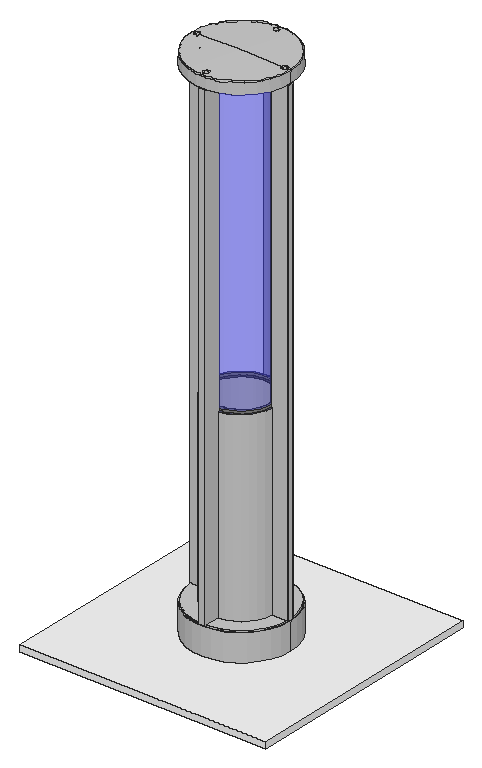
Revit family "BE_84602_de_DE", category Leuchten, Revit 2020
Family settings
  Basisbauteil = Fläche
  Bemaßung runder Anschluss = Durchmesser verwenden
  Teiletyp = Normal
  Beim Laden mit Abzugskörper schneiden = Ja
  Lichtquelle = Ja
  Gemeinsam genutzt = Nein
  Raumberechnungspunkt = Ja
Parameters (values of type "BEGA_84602_Silber_K4")
  built-in parameter 1150104 = 17.744 (stored number, unit not read)
  Wattage = 15.6 W
  Default Elevation = 0 mm
  built-in parameter 1150113 = 1 (stored number, unit not read)
  built-in parameter 1114218 = 1 (stored number, unit not read)
  Umgebungstemperatur = "25 °C"
  URL = "https://www.bega.com/de/produkt/84602"
  Typenkommentare = "© 2022 BEGA. Wir behalten uns das Recht vor, technische Änderungen ohne vorherige Ankündigung vorzunehmen."  # constant formula
  Type Image = 84602.png
  built-in parameter 1150134 = 12
  built-in parameter 1150109 = 1 (stored number, unit not read)
  Strom = ""
  built-in parameter 1150110 = 1 (stored number, unit not read)
  Spannung = 239.996 V
  Sonderanfertigung = no
  Seriennummer [instance] = "Hier können Sie die eindeutige Seriennummer für das Facility Management eintragen."
  Schutzklasse = "I"
  Schutzart = "IP 65"
  Scheinlast = 0 VA
  Produktdatenblatt = "https://cdn.bega.com/bega/products/84602K4/current/documents/data-sheets/de"
  Oberflächentemperatur = ""
  Neigungswinkel = 0.00°
  Modell = "84602AK4"
  Material_18 = BEGA_Gummi_schwarz
  Material_17 = BEGA_Reflektor
  Material_15 = BEGA_Leuchtmedium_matt
  Material_14 = BEGA_Kunststoff_opal
  Material_11 = BEGA_Glas_opal
  Material_09 = BEGA_Glas_klar
  Material_06 = BEGA_Oberfläche_Edelstahl_gebürstet
  Material_03 = BEGA_Oberfläche_Weiss_matt
  Material_02 = BEGA_Oberfläche_Silber_matt
  Material_01 [instance] = BEGA_Oberfläche_Grafit_matt
  M_W = no
  M_G = no
  M_A = yes
  Logo = 0
  built-in parameter 1114217 = 1 (stored number, unit not read)
  built-in parameter 1150139 = (empty or 0)
  built-in parameter 1150105 = 237.11 (stored number, unit not read)
  built-in parameter 1150114 = 1 (stored number, unit not read)
  Lumens = 2979.6 lm
  built-in parameter 1150115 = 1 (stored number, unit not read)
  Leuchtenlichtstrom = "2087 lm"
  Leuchtenanzahl = ""
  Lebensdauerkriterien = "L70B50 @ 25 °C = 200000 h"
  Lastklassifizierung = Beleuchtung
  built-in parameter 1150112 = 1 (stored number, unit not read)
  Lampenlichtstrom = "3120 lm"
  Lampe = "LED 15.2 W"
  LED_Modulbezeichnung = "4x LED-0701/840"
  built-in parameter 1150142 = (empty or 0)
  Hersteller = "BEGA"  # constant formula
  Halbstreuwinkel = ""
  Gewicht = "7.0 kg"
  Gebrauchslageneinschränkung [instance] = ""
  Frequenz = "0/50-60 Hz"
  Farbwiedergabeindex = "CRI > 80"
  Farbtemperaturverschiebung bei Dämpfen der Lampe = <Keine Auswahl>
  Farbtemperatur = "4000 K"
  Farbfilter = 16777215
  Erdstück = no
  built-in parameter 1150133 = 10 (stored number, unit not read)
  Energieeffizienzklasse = "LED A++ - A"
  built-in parameter 1150137 = (empty or 0)
  built-in parameter 1150132 = (empty or 0)
  ENEC = "ja"
  Dimmbar [instance] = "DALI"
  Datei für fotometrisches Netz = "BE_84602K4.IES"
  CE_Konformität = "ja"
  Bestellnummer_Erdstück = if(Erdstück, "70895", "---")  # "---"
  Bestellnummer = "84602AK4"
  Beschreibung_Sonderanfertigung = "Hier können Sie Informationen zur Sonderanfertigung eintragen."
  Beschreibung = "Pollerleuchte"
  built-in parameter 1150106 = 2.3711 (stored number, unit not read)
  Befestigungsbohrung = ""
  Befestigungsabstand = ""
  Ballwurfsicher = ""
  BEGA_Intern_aus = yes
  BEGA_Intern_an = yes
  BEGA_Intern_Konstruktion = yes
  BEGA_Intern = yes
  BEGA_IES = yes
  BEGA_Dummy = no
  Anschlussleitung = ""
  Anschlussleistung [instance] = "17.6 W"
  built-in parameter 1150107 = 4000 (stored number, unit not read)
  built-in parameter 1150102 = (empty or 0)
  built-in parameter 1150138 = (empty or 0)
  Aktualisierung = "2022-05-19T04:00:07"
  Abstand_zur_angestrahlten_Fläche [instance] = ""
  AC/DC = "AC/DC"
Types (4, lengths in mm): name | built-in parameter 1150104 | Wattage | built-in parameter 1150134 | Modell | M_G | M_A | built-in parameter 1150105 | Lumens | Leuchtenlichtstrom | Lampenlichtstrom | LED_Modulbezeichnung | Farbtemperatur | Datei für fotometrisches Netz | Bestellnummer | built-in parameter 1150106 | built-in parameter 1150107
  BEGA_84602_Grafit_K4 | 17.744 (stored number, unit not read) | 15.6 W | 12 | "84602K4" | yes | no | 237.11 (stored number, unit not read) | 2979.6 lm | "2087 lm" | "3120 lm" | "4x LED-0701/840" | "4000 K" | "BE_84602K4.IES" | "84602K4" | 2.3711 (stored number, unit not read) | 4000 (stored number, unit not read)
  BEGA_84602_Grafit_K3 | 13.8 (stored number, unit not read) | 0 W | (empty or 0) | "84602K3" | yes | no | (empty or 0) | 0 lm | "2020 lm" | "3020 lm" | "4x LED-0701/830" | "3000 K" | "BE_84602K3.IES" | "84602K3" | (empty or 0) | 3000 (stored number, unit not read)
  BEGA_84602_Silber_K3 | 17.271 (stored number, unit not read) | 15.9 W | (empty or 0) | "84602AK3" | no | yes | 235.22 (stored number, unit not read) | 2955.81 lm | "2020 lm" | "3020 lm" | "4x LED-0701/830" | "3000 K" | "BE_84602K3.IES" | "84602AK3" | 2.3522 (stored number, unit not read) | 3000 (stored number, unit not read)
  BEGA_84602_Silber_K4 | 17.744 (stored number, unit not read) | 15.6 W | 12 | "84602AK4" | no | yes | 237.11 (stored number, unit not read) | 2979.6 lm | "2087 lm" | "3120 lm" | "4x LED-0701/840" | "4000 K" | "BE_84602K4.IES" | "84602AK4" | 2.3711 (stored number, unit not read) | 4000 (stored number, unit not read)
Reference planes
  plane 1 "Mitte (Vorne/Hinten)": y = 0
  plane 2: z = 0
  plane 3 "Mitte (Links/Rechts)": x = 0
  plane 4 "Links": x = -80.5
  plane 5 "Rechts": x = 80.5
  plane 6 "Unten": y = -80.5
  plane 7 "Oben": y = 80.5
  plane 8 "Vorne": z = 850.81
  plane 9 "Hinten": z = 0
Forms (mm)
  Extrusion 1, solid, material "BEGA_Platte_Weiss"
    sketch origin (0, -1119.2, 0) x (1, 0, 0) y (0, 1, 0)
      loop
        line (-200, 1319.2) -> (-200, 919.2) -> (200, 919.2) -> (200, 1319.2) -> (-200, 1319.2)
    from 0 to -10
  Extrusion 2, solid, material "BEGA_Dummy_matt", visible <- "BEGA_Dummy"
    sketch origin (77.149, -76.023, 0) x (1, 0, 0) y (0, 1, 0)
      loop
        circle (-77.149, 76.023) r 80.5
    from 0 to 850.81
Dimensions and locks
  plane 1 "Mitte (Vorne/Hinten)" to Extrusion 1 = 200 mm
  aligned and locked: plane 2 to Extrusion 1
  aligned and locked: level to Extrusion 1
Nested families
  nested 1: "BE_84602" at (0, 0, 0), type "BE_84602"
Connectors
  electrical at (0, 0, 0), driven by "Lastklassifizierung", driven by "Spannung", driven by "Scheinlast"
    settings: index 1, voltage 239.996 V, apparent load 0 VA, apparent load phase1 0 VA, apparent load phase2 0 VA, apparent load phase3 0 VA, power factor 1, load classification "Beleuchtung", number of poles 1, system type 31, power factor state 1, is connector primary yes, connector utility no, sub classification motor no, connector description ""
Definition of nested family "BE_84602"
  Parameters (values of type "BE_84602")
    Default Elevation = 1 mm
    URL = "http://www.bega.de/de/produkt"
    Type Comments = "© 2015 BEGA. Wir behalten uns das Recht vor, technische Änderungen ohne vorherige Ankündigung vorzunehmen. "  # constant formula
    Type Image = (empty or 0)
    Neigungswinkel_um_Z2 = 0.00°
    Neigungswinkel_um_Z1 = 0.00°
    Neigungswinkel_um_Y2 = 0.00°
    Neigungswinkel_um_Y1 = 0.00°
    Neigungswinkel_um_X2 = 0.00°
    Neigungswinkel_um_X1 = 0.00°
    Material_18 = none
    Material_17 = none
    Material_15 = none
    Material_14 = none
    Material_11 = none
    Material_09 = none
    Material_06 = none
    Material_02 = none
    Material_01 = none
    M_W = yes
    M_G = yes
    M_A = yes
    Länge_Platte = 200 mm  # constant formula
    Höhe_Platte = -10 mm  # constant formula
    Manufacturer = "BEGA"  # constant formula
    Drehwinkel_um_Z2 = 0.00°
    Drehwinkel_um_Z1 = 0.00°
    Breite_Platte = 200 mm  # constant formula
  Reference planes
    plane 1 "Mitte (Oben/Unten)": y = 0
    plane 2: z = 0
    plane 3 "Mitte (Links/Rechts)": x = 0
    plane 4: x = -80.5
    plane 5: z = 850.81
    plane 6: x = 80.5
    plane 7: y = -80.5
    plane 8: y = 80.5
  Forms (mm)
    Extrusion 1, solid, detail levels medium
      sketch origin (0, 0, 0) x (1, 0, 0) y (0, 1, 0)
        loop
          line (-100, 100) -> (-100, -100) -> (100, -100) -> (100, 100) -> (-100, 100)
      from 0 to -10 <- "Höhe_Platte"
    Revolve 2, solid, material <- "Material_01", visible <- "M_G", detail levels medium+fine
      sketch origin (0, 0, 0) x (1, 0, 0) y (0, 0, 1)
        loop
          line (-76, 0) -> (-21.511, 0) -> (-21.511, 5.5) -> (-76, 5.5) -> (-76, 0)
        axis (0, 0) -> (0, 5.5)
      angle from 0 to 360
    Extrusion 3, void
      sketch origin (0, 0, 0) x (1, 0, 0) y (0, 1, 0)
        loop
          arc (37.01, -10.606) -> (38.5, 0.008) -> (37.006, 10.621) r 38.5
          arc (37.006, 10.621) -> (32.675, 13.011) -> (30.28, 8.683) r 3.5
          arc (30.28, 8.683) -> (31.5, 0.001) -> (30.28, -8.682) r 31.5
          arc (30.28, -8.682) -> (32.682, -13.012) -> (37.01, -10.606) r 3.5
        loop
          arc (-7.621, 30.564) -> (-5.072, 34.807) -> (-9.315, 37.356) r 3.5
          arc (-9.315, 37.356) -> (-19.251, 33.342) -> (-27.695, 26.744) r 38.5
          arc (-27.695, 26.744) -> (-27.609, 21.795) -> (-22.66, 21.881) r 3.5
          arc (-22.66, 21.881) -> (-15.75, 27.28) -> (-7.621, 30.564) r 31.5
        loop
          arc (-22.657, -21.884) -> (-27.604, -21.794) -> (-27.698, -26.74) r 3.5
          arc (-27.698, -26.74) -> (-19.247, -33.344) -> (-9.302, -37.359) r 38.5
          arc (-9.302, -37.359) -> (-5.069, -34.802) -> (-7.621, -30.564) r 3.5
          arc (-7.621, -30.564) -> (-15.749, -27.28) -> (-22.657, -21.884) r 31.5
        loop
          arc (-43.745, 12.543) -> (-46.827, 18.102) -> (-52.386, 15.021) r 4.495
          arc (-52.386, 15.021) -> (-54.497, 0.004) -> (-52.388, -15.014) r 54.493
          arc (-52.388, -15.014) -> (-46.831, -18.105) -> (-43.745, -12.544) r 4.495
          arc (-43.745, -12.544) -> (-45.508, -0.001) -> (-43.745, 12.543) r 45.516
        loop
          arc (32.735, 31.613) -> (39.09, 31.504) -> (39.2, 37.86) r 4.495
          arc (39.2, 37.86) -> (27.253, 47.193) -> (13.198, 52.875) r 54.493
          arc (13.198, 52.875) -> (7.737, 49.612) -> (11.009, 44.157) r 4.494
          arc (11.009, 44.157) -> (22.753, 39.411) -> (32.735, 31.613) r 45.516
        loop
          arc (11.01, -44.156) -> (7.737, -49.605) -> (13.185, -52.878) r 4.495
          arc (13.185, -52.878) -> (27.245, -47.198) -> (39.196, -37.863) r 54.493
          arc (39.196, -37.863) -> (39.095, -31.505) -> (32.736, -31.612) r 4.495
          arc (32.736, -31.612) -> (22.754, -39.411) -> (11.01, -44.156) r 45.516
      from -2 to 10
    Revolve 4, solid, material <- "Material_01", visible <- "M_G", detail levels medium+fine
      sketch origin (0, 0, 0) x (1, 0, 0) y (0, 0, 1)
        loop
          arc (-73.181, 39.917) -> (-72.576, 41.282) -> (-71.194, 41.848) r 2
          line (-71.194, 41.848) -> (-51.968, 41.848) -> (-51.968, 47.848) -> (-78.5, 47.848) -> (-78.5, 45.848) -> (-80.5, 45.848) -> (-80.5, 2.148) -> (-77.5, 2.148) -> (-77.5, 5.648) -> (-74.374, 5.757) -> (-73.181, 39.917)
        axis (0, 2.148) -> (0, 47.848)
      angle from 0 to 360
    Extrusion 5, solid, material <- "Material_01", visible <- "M_G", detail levels medium+fine
      sketch origin (0, 0, 0) x (1, 0, 0) y (0, 1, 0)
        loop
          arc (-79.855, 5.002) -> (-80.213, 4.847) -> (-80.374, 4.492) r 0.54
          arc (-80.374, 4.492) -> (-80.5, 0.08) -> (-80.384, -4.333) r 80.5
          arc (-80.384, -4.333) -> (-80.249, -4.724) -> (-79.927, -4.985) r 0.752
          line (-79.927, -4.985) -> (-54.167, -5.989)
          arc (-54.167, -5.989) -> (-54.497, 0.007) -> (-54.166, 6.004) r 54.493
          line (-54.166, 6.004) -> (-79.855, 5.002)
      from 47.548 to 828.848
    Extrusion 6, solid, material <- "Material_01", visible <- "M_G", detail levels medium+fine
      sketch origin (0, 0, 0) x (0, -1, 0) y (1, 0, 0)
        loop
          arc (-79.855, 5.002) -> (-80.213, 4.847) -> (-80.374, 4.492) r 0.54
          arc (-80.374, 4.492) -> (-80.5, 0.08) -> (-80.384, -4.333) r 80.5
          arc (-80.384, -4.333) -> (-80.249, -4.724) -> (-79.927, -4.985) r 0.752
          line (-79.927, -4.985) -> (-54.167, -5.989)
          arc (-54.167, -5.989) -> (-54.497, 0.007) -> (-54.166, 6.004) r 54.493
          line (-54.166, 6.004) -> (-79.855, 5.002)
      from 47.548 to 828.848
    Extrusion 7, solid, material <- "Material_01", visible <- "M_G", detail levels medium+fine
      sketch origin (0, 0, 0) x (0, 1, 0) y (-1, 0, 0)
        loop
          arc (-79.855, 5.002) -> (-80.213, 4.847) -> (-80.374, 4.492) r 0.54
          arc (-80.374, 4.492) -> (-80.5, 0.08) -> (-80.384, -4.333) r 80.5
          arc (-80.384, -4.333) -> (-80.249, -4.724) -> (-79.927, -4.985) r 0.752
          line (-79.927, -4.985) -> (-54.167, -5.989)
          arc (-54.167, -5.989) -> (-54.497, 0.007) -> (-54.166, 6.004) r 54.493
          line (-54.166, 6.004) -> (-79.855, 5.002)
      from 47.548 to 828.848
    Extrusion 8, solid, material <- "Material_01", visible <- "M_G", detail levels medium+fine
      sketch origin (0, 0, 0) x (-1, 0, 0) y (0, -1, 0)
        loop
          arc (-79.855, 5.002) -> (-80.213, 4.847) -> (-80.374, 4.492) r 0.54
          arc (-80.374, 4.492) -> (-80.5, 0.08) -> (-80.384, -4.333) r 80.5
          arc (-80.384, -4.333) -> (-80.249, -4.724) -> (-79.927, -4.985) r 0.752
          line (-79.927, -4.985) -> (-54.167, -5.989)
          arc (-54.167, -5.989) -> (-54.497, 0.007) -> (-54.166, 6.004) r 54.493
          line (-54.166, 6.004) -> (-79.855, 5.002)
      from 47.548 to 828.848
    Revolve 9, solid, material <- "Material_01", visible <- "M_G", detail levels medium+fine
      sketch origin (0, 0, 0) x (1, 0, 0) y (0, 0, 1)
        loop
          line (-55, 349.348) -> (-55, 44.848) -> (-51.5, 44.848) -> (-51.5, 349.348) -> (-55, 349.348)
        axis (0, 349.348) -> (0, 44.848)
      angle from 0 to 360
    Revolve 10, solid, material <- "Material_18", detail levels medium+fine
      sketch origin (0, 0, 0) x (1, 0, 0) y (0, 0, 1)
        loop
          circle (-50.4, 350.05) r 3
        axis (0, 350.05) -> (0, 351.05)
      angle from 0 to 360
    Revolve 11, solid, material <- "Material_14", detail levels medium+fine
      sketch origin (0, 0, 0) x (1, 0, 0) y (0, 0, 1)
        loop
          line (-48.5, 838.848) -> (-52.5, 838.848) -> (-52.5, 352.348) -> (-48.5, 352.348) -> (-48.5, 838.848)
        axis (0, 352.348) -> (0, 838.848)
      angle from 0 to 360
    Revolve 12, solid, material <- "Material_01", visible <- "M_G", detail levels medium+fine
      sketch origin (0, 0, 0) x (1, 0, 0) y (0, 0, 1)
        loop
          line (-80.5, 830.448) -> (-76.722, 830.448) -> (-76.75, 828.848) -> (-53.789, 828.848) -> (-53.982, 846.255) -> (0, 846.131) -> (0, 850.81) -> (-79.21, 849.427)
          arc (-79.21, 849.427) -> (-79.893, 849.135) -> (-80.186, 848.453) r 1
          line (-80.186, 848.453) -> (-80.5, 830.448)
        axis (0, 828.848) -> (0, 850.81)
      angle from 0 to 360
    Revolve 13, void
      sketch origin (0, 0, 0) x (1, 0, 0) y (0, 0, 1)
        loop
          line (-71, 847.623) -> (-71, 849.983) -> (-76.029, 849.983) -> (-73.669, 847.623) -> (-71, 847.623)
        axis (-71, 847.623) -> (-71, 849.983)
      angle from 0 to 360
    Revolve 14, void
      sketch origin (0, 0, 0) x (0, -1, 0) y (0, 0, 1)
        loop
          line (-71, 847.623) -> (-71, 849.983) -> (-76.029, 849.983) -> (-73.669, 847.623) -> (-71, 847.623)
        axis (-71, 847.623) -> (-71, 849.983)
      angle from 0 to 360
    Revolve 15, void
      sketch origin (0, 0, 0) x (0, 1, 0) y (0, 0, 1)
        loop
          line (-71, 847.623) -> (-71, 849.983) -> (-76.029, 849.983) -> (-73.669, 847.623) -> (-71, 847.623)
        axis (-71, 847.623) -> (-71, 849.983)
      angle from 0 to 360
    Revolve 16, void
      sketch origin (0, 0, 0) x (-1, 0, 0) y (0, 0, 1)
        loop
          line (-71, 847.623) -> (-71, 849.983) -> (-76.029, 849.983) -> (-73.669, 847.623) -> (-71, 847.623)
        axis (-71, 847.623) -> (-71, 849.983)
      angle from 0 to 360
    Extrusion 17, solid, material <- "Material_06", detail levels fine
      sketch origin (0, 0, 0) x (1, 0, 0) y (0, 1, 0)
        loop
          circle (-71, 0) r 4
        loop
          circle (71, 0) r 4
        loop
          circle (0, -71) r 4
        loop
          circle (0, 71) r 4
      from 848.633 to 849.254
    Revolve 18, solid, material <- "Material_06", detail levels fine
      sketch origin (0, 0, 24.148) x (1, 0, 0) y (0, 1, 0)
        loop
          line (-58.23, 58.23) -> (-48.369, 48.369) -> (-44.834, 51.905) -> (-54.044, 61.115) -> (-55.345, 61.115) -> (-58.23, 58.23)
        axis (-58.23, 58.23) -> (-48.369, 48.369)
      angle from 0 to 360
    Revolve 19, solid, material <- "Material_02", visible <- "M_A", detail levels medium+fine
      sketch origin (0, 0, 0) x (1, 0, 0) y (0, 0, 1)
        loop
          line (-76, 0) -> (-21.511, 0) -> (-21.511, 5.5) -> (-76, 5.5) -> (-76, 0)
        axis (0, 0) -> (0, 5.5)
      angle from 0 to 360
    Revolve 20, solid, material <- "Material_02", visible <- "M_A", detail levels medium+fine
      sketch origin (0, 0, 0) x (1, 0, 0) y (0, 0, 1)
        loop
          arc (-73.181, 39.917) -> (-72.576, 41.282) -> (-71.194, 41.848) r 2
          line (-71.194, 41.848) -> (-51.968, 41.848) -> (-51.968, 47.848) -> (-78.5, 47.848) -> (-78.5, 45.848) -> (-80.5, 45.848) -> (-80.5, 2.148) -> (-77.5, 2.148) -> (-77.5, 5.648) -> (-74.374, 5.757) -> (-73.181, 39.917)
        axis (0, 2.148) -> (0, 47.848)
      angle from 0 to 360
    Extrusion 21, solid, material <- "Material_02", visible <- "M_A", detail levels medium+fine
      sketch origin (0, 0, 0) x (1, 0, 0) y (0, 1, 0)
        loop
          arc (-79.855, 5.002) -> (-80.213, 4.847) -> (-80.374, 4.492) r 0.54
          arc (-80.374, 4.492) -> (-80.5, 0.08) -> (-80.384, -4.333) r 80.5
          arc (-80.384, -4.333) -> (-80.249, -4.724) -> (-79.927, -4.985) r 0.752
          line (-79.927, -4.985) -> (-54.167, -5.989)
          arc (-54.167, -5.989) -> (-54.497, 0.007) -> (-54.166, 6.004) r 54.493
          line (-54.166, 6.004) -> (-79.855, 5.002)
      from 47.548 to 828.848
    Extrusion 22, solid, material <- "Material_02", visible <- "M_A", detail levels medium+fine
      sketch origin (0, 0, 0) x (0, -1, 0) y (1, 0, 0)
        loop
          arc (-79.855, 5.002) -> (-80.213, 4.847) -> (-80.374, 4.492) r 0.54
          arc (-80.374, 4.492) -> (-80.5, 0.08) -> (-80.384, -4.333) r 80.5
          arc (-80.384, -4.333) -> (-80.249, -4.724) -> (-79.927, -4.985) r 0.752
          line (-79.927, -4.985) -> (-54.167, -5.989)
          arc (-54.167, -5.989) -> (-54.497, 0.007) -> (-54.166, 6.004) r 54.493
          line (-54.166, 6.004) -> (-79.855, 5.002)
      from 47.548 to 828.848
    Extrusion 23, solid, material <- "Material_02", visible <- "M_A", detail levels medium+fine
      sketch origin (0, 0, 0) x (0, 1, 0) y (-1, 0, 0)
        loop
          arc (-79.855, 5.002) -> (-80.213, 4.847) -> (-80.374, 4.492) r 0.54
          arc (-80.374, 4.492) -> (-80.5, 0.08) -> (-80.384, -4.333) r 80.5
          arc (-80.384, -4.333) -> (-80.249, -4.724) -> (-79.927, -4.985) r 0.752
          line (-79.927, -4.985) -> (-54.167, -5.989)
          arc (-54.167, -5.989) -> (-54.497, 0.007) -> (-54.166, 6.004) r 54.493
          line (-54.166, 6.004) -> (-79.855, 5.002)
      from 47.548 to 828.848
    Extrusion 24, solid, material <- "Material_02", visible <- "M_A", detail levels medium+fine
      sketch origin (0, 0, 0) x (-1, 0, 0) y (0, -1, 0)
        loop
          arc (-79.855, 5.002) -> (-80.213, 4.847) -> (-80.374, 4.492) r 0.54
          arc (-80.374, 4.492) -> (-80.5, 0.08) -> (-80.384, -4.333) r 80.5
          arc (-80.384, -4.333) -> (-80.249, -4.724) -> (-79.927, -4.985) r 0.752
          line (-79.927, -4.985) -> (-54.167, -5.989)
          arc (-54.167, -5.989) -> (-54.497, 0.007) -> (-54.166, 6.004) r 54.493
          line (-54.166, 6.004) -> (-79.855, 5.002)
      from 47.548 to 828.848
    Revolve 25, solid, material <- "Material_02", visible <- "M_A", detail levels medium+fine
      sketch origin (0, 0, 0) x (1, 0, 0) y (0, 0, 1)
        loop
          line (-55, 349.348) -> (-55, 44.848) -> (-51.5, 44.848) -> (-51.5, 349.348) -> (-55, 349.348)
        axis (0, 349.348) -> (0, 44.848)
      angle from 0 to 360
    Revolve 26, solid, material <- "Material_02", visible <- "M_A", detail levels medium+fine
      sketch origin (0, 0, 0) x (1, 0, 0) y (0, 0, 1)
        loop
          line (-80.5, 830.448) -> (-76.722, 830.448) -> (-76.75, 828.848) -> (-53.789, 828.848) -> (-53.982, 846.255) -> (0, 846.131) -> (0, 850.81) -> (-79.21, 849.427)
          arc (-79.21, 849.427) -> (-79.893, 849.135) -> (-80.186, 848.453) r 1
          line (-80.186, 848.453) -> (-80.5, 830.448)
        axis (0, 828.848) -> (0, 850.81)
      angle from 0 to 360
  Cuts and joins
    Extrusion 3 cuts Revolve 2
    joined: Revolve 4, Extrusion 5, Extrusion 6, Extrusion 7, Extrusion 8, Revolve 9
    Revolve 13, Revolve 14, Revolve 15, Revolve 16 cuts Revolve 12
    Extrusion 3 cuts Revolve 19
    joined: Revolve 20, Extrusion 21, Extrusion 22, Extrusion 23, Extrusion 24, Revolve 25
    Revolve 13, Revolve 14, Revolve 15, Revolve 16 cuts Revolve 26
  Dimensions and locks
    equal spacing: Extrusion 1 sketch curve, plane 3 "Mitte (Links/Rechts)", Extrusion 1 sketch curve
    equal spacing: Extrusion 1 sketch curve, plane 1 "Mitte (Oben/Unten)", Extrusion 1 sketch curve
    "Länge_Platte": Extrusion 1 sketch curve to Extrusion 1 sketch curve
    "Breite_Platte": Extrusion 1 sketch curve to Extrusion 1 sketch curve
    aligned and locked: Extrusion 1 to plane 2
    aligned and locked: level to Extrusion 1
  Automatic sketch dimensions
    Revolve 2 sketch curve to level = 0 mm  (x2)
    Revolve 2 sketch curve to plane 3 "Mitte (Links/Rechts)" = 0 mm
    level to Revolve 2 sketch curve = 5.5 mm
    Revolve 2 sketch curve to plane 3 "Mitte (Links/Rechts)" = 21.511 mm
    Revolve 2 sketch curve to Revolve 2 sketch curve = 54.489 mm
    Revolve 2 sketch curve to Revolve 2 sketch curve = 3.638 mm
    Extrusion 3 sketch curve to plane 1 "Mitte (Oben/Unten)" = 0 mm  (x5)
    Extrusion 3 sketch curve to plane 3 "Mitte (Links/Rechts)" = 0 mm  (x2)
    Extrusion 3 sketch curve to plane 1 "Mitte (Oben/Unten)" = 9.648 mm
    plane 3 "Mitte (Links/Rechts)" to Extrusion 3 sketch curve = 33.644 mm
    Extrusion 3 sketch curve to Extrusion 3 sketch curve = 3.364 mm
    Extrusion 3 sketch curve to Extrusion 3 sketch curve = 0 mm  (x17)
    plane 1 "Mitte (Oben/Unten)" to Extrusion 3 sketch curve = 8.682 mm
    Extrusion 3 sketch curve to Extrusion 3 sketch curve = 3.362 mm
    Extrusion 3 sketch curve to Extrusion 3 sketch curve = 6.73 mm
    Extrusion 3 sketch curve to Extrusion 3 sketch curve = 1.924 mm
    Extrusion 3 sketch curve to Extrusion 3 sketch curve = 3.366 mm
    Extrusion 3 sketch curve to Extrusion 3 sketch curve = 0.959 mm
    Extrusion 3 sketch curve to plane 3 "Mitte (Links/Rechts)" = 8.468 mm
    Extrusion 3 sketch curve to plane 3 "Mitte (Links/Rechts)" = 25.176 mm
    Extrusion 3 sketch curve to Extrusion 3 sketch curve = 16.709 mm
    plane 3 "Mitte (Links/Rechts)" to Extrusion 3 sketch curve = 0 mm  (x3)
    Extrusion 3 sketch curve to plane 3 "Mitte (Links/Rechts)" = 0.001 mm
    plane 1 "Mitte (Oben/Unten)" to Extrusion 3 sketch curve = 24.314 mm
    plane 1 "Mitte (Oben/Unten)" to Extrusion 3 sketch curve = 0 mm  (x2)
    Extrusion 3 sketch curve to plane 1 "Mitte (Oben/Unten)" = 0.001 mm
    Extrusion 3 sketch curve to plane 1 "Mitte (Oben/Unten)" = 24.313 mm
    Extrusion 3 sketch curve to Extrusion 3 sketch curve = 9.648 mm
    Extrusion 3 sketch curve to plane 3 "Mitte (Links/Rechts)" = 7.621 mm
    Extrusion 3 sketch curve to Extrusion 3 sketch curve = 0.847 mm  (x2)
    Extrusion 3 sketch curve to Extrusion 3 sketch curve = 2.518 mm  (x3)
    Extrusion 3 sketch curve to Extrusion 3 sketch curve = 2.523 mm
    Extrusion 3 sketch curve to Extrusion 3 sketch curve = 2.431 mm  (x2)
    Extrusion 3 sketch curve to Extrusion 3 sketch curve = 1.681 mm
    Extrusion 3 sketch curve to Extrusion 3 sketch curve = 0.835 mm
    Extrusion 3 sketch curve to Extrusion 3 sketch curve = 3.399 mm
    Extrusion 3 sketch curve to Extrusion 3 sketch curve = 0.001 mm  (x2)
    Extrusion 3 sketch curve to Extrusion 3 sketch curve = 20.367 mm
    Extrusion 3 sketch curve to Extrusion 3 sketch curve = 20.371 mm
    Extrusion 3 sketch curve to Extrusion 3 sketch curve = 0.004 mm
    Extrusion 3 sketch curve to Extrusion 3 sketch curve = 0.008 mm
    plane 1 "Mitte (Oben/Unten)" to Extrusion 3 sketch curve = 13.783 mm
    Extrusion 3 sketch curve to plane 1 "Mitte (Oben/Unten)" = 13.782 mm
    Extrusion 3 sketch curve to Extrusion 3 sketch curve = 4.32 mm  (x3)
    Extrusion 3 sketch curve to Extrusion 3 sketch curve = 4.323 mm
    Extrusion 3 sketch curve to Extrusion 3 sketch curve = 1.231 mm
    Extrusion 3 sketch curve to plane 3 "Mitte (Links/Rechts)" = 0.004 mm  (x2)
    plane 3 "Mitte (Links/Rechts)" to Extrusion 3 sketch curve = 0.003 mm
    plane 3 "Mitte (Links/Rechts)" to Extrusion 3 sketch curve = 12.096 mm
    plane 1 "Mitte (Oben/Unten)" to Extrusion 3 sketch curve = 0.007 mm
    Extrusion 3 sketch curve to plane 1 "Mitte (Oben/Unten)" = 0.003 mm
    Extrusion 3 sketch curve to Extrusion 3 sketch curve = 11.161 mm
    Extrusion 3 sketch curve to Extrusion 3 sketch curve = 1.088 mm
    Extrusion 3 sketch curve to Extrusion 3 sketch curve = 1.102 mm
    Extrusion 3 sketch curve to Extrusion 3 sketch curve = 4.271 mm
    Extrusion 3 sketch curve to Extrusion 3 sketch curve = 6.464 mm
    Extrusion 3 sketch curve to Extrusion 3 sketch curve = 20.992 mm
    Extrusion 3 sketch curve to Extrusion 3 sketch curve = 6.246 mm
    Extrusion 3 sketch curve to Extrusion 3 sketch curve = 3.232 mm
    Extrusion 3 sketch curve to Extrusion 3 sketch curve = 3.123 mm
    plane 3 "Mitte (Links/Rechts)" to Extrusion 3 sketch curve = 0.002 mm
    Extrusion 3 sketch curve to Extrusion 3 sketch curve = 1.041 mm
    Extrusion 3 sketch curve to Extrusion 3 sketch curve = 24.128 mm
    plane 1 "Mitte (Oben/Unten)" to Extrusion 3 sketch curve = 0.004 mm
    Extrusion 3 sketch curve to Extrusion 3 sketch curve = 0.007 mm
    plane 3 "Mitte (Links/Rechts)" to Extrusion 3 sketch curve = 11.01 mm
    Extrusion 3 sketch curve to Extrusion 3 sketch curve = 2.175 mm
    Extrusion 3 sketch curve to Extrusion 3 sketch curve = 3.233 mm
    Extrusion 3 sketch curve to Extrusion 3 sketch curve = 3.226 mm
    Extrusion 3 sketch curve to Extrusion 3 sketch curve = 3.129 mm
    Extrusion 3 sketch curve to Extrusion 3 sketch curve = 8.722 mm
    Extrusion 5 sketch curve to Extrusion 5 sketch curve = 0.021 mm
    Extrusion 5 sketch curve to Extrusion 5 sketch curve = 0.201 mm
    Extrusion 5 sketch curve to Extrusion 5 sketch curve = 0.54 mm
    Extrusion 5 sketch curve to Extrusion 5 sketch curve = 0.751 mm
    Extrusion 5 sketch curve to Extrusion 5 sketch curve = 0.294 mm
    Extrusion 5 sketch curve to Extrusion 5 sketch curve = 0.539 mm
    Extrusion 5 sketch curve to Extrusion 5 sketch curve = 0 mm  (x2)
    Extrusion 5 sketch curve to Extrusion 5 sketch curve = 25.466 mm
    Revolve 4 sketch curve to plane 3 "Mitte (Links/Rechts)" = 0 mm
    Revolve 4 sketch curve to plane 3 "Mitte (Links/Rechts)" = 51.968 mm
    Revolve 4 sketch curve to Revolve 4 sketch curve = 19.214 mm
    Revolve 4 sketch curve to Revolve 4 sketch curve = 0.012 mm
    level to Revolve 4 sketch curve = 5.757 mm
    Revolve 4 sketch curve to Revolve 4 sketch curve = 3.192 mm
    Revolve 4 sketch curve to Revolve 4 sketch curve = 3.126 mm
    Revolve 4 sketch curve to Revolve 4 sketch curve = 7.306 mm
    Revolve 4 sketch curve to Revolve 4 sketch curve = 3 mm
    Revolve 4 sketch curve to Revolve 4 sketch curve = 0.109 mm
    level to Revolve 4 sketch curve = 2.148 mm
    Revolve 4 sketch curve to Revolve 4 sketch curve = 34.091 mm
    Revolve 4 sketch curve to Revolve 4 sketch curve = 2 mm  (x2)
    Revolve 4 sketch curve to Revolve 4 sketch curve = 4 mm
    Revolve 4 sketch curve to Revolve 4 sketch curve = 1.999 mm
    Revolve 4 sketch curve to Revolve 4 sketch curve = 0 mm  (x2)
    level to Revolve 4 sketch curve = 14.806 mm
    Revolve 4 sketch curve to Revolve 4 sketch curve = 15 mm
    Extrusion 5 sketch curve to Extrusion 5 sketch curve = 0.002 mm
    Extrusion 5 sketch curve to Extrusion 5 sketch curve = 54.161 mm
    Extrusion 5 sketch curve to Extrusion 5 sketch curve = 0.005 mm
    Extrusion 5 sketch curve to Extrusion 5 sketch curve = 1.005 mm
    Extrusion 5 sketch curve to Extrusion 5 sketch curve = 0.692 mm
    Extrusion 5 sketch curve to Extrusion 5 sketch curve = 5.972 mm
    Extrusion 5 sketch curve to Extrusion 5 sketch curve = 0.017 mm
    Extrusion 6 sketch curve to Extrusion 6 sketch curve = 0.021 mm
    Extrusion 6 sketch curve to Extrusion 6 sketch curve = 0.201 mm
    Extrusion 6 sketch curve to Extrusion 6 sketch curve = 0.54 mm
    Extrusion 6 sketch curve to Extrusion 6 sketch curve = 0.751 mm
    Extrusion 6 sketch curve to Extrusion 6 sketch curve = 0.294 mm
    Extrusion 6 sketch curve to Extrusion 6 sketch curve = 0.539 mm
    Extrusion 6 sketch curve to Extrusion 6 sketch curve = 0 mm  (x2)
    Extrusion 6 sketch curve to Extrusion 6 sketch curve = 25.466 mm
    Extrusion 6 sketch curve to Extrusion 6 sketch curve = 0.002 mm
    Extrusion 6 sketch curve to Extrusion 6 sketch curve = 54.161 mm
    Extrusion 6 sketch curve to Extrusion 6 sketch curve = 0.005 mm
    Extrusion 6 sketch curve to Extrusion 6 sketch curve = 1.005 mm
    Extrusion 6 sketch curve to Extrusion 6 sketch curve = 0.692 mm
    Extrusion 6 sketch curve to Extrusion 6 sketch curve = 5.972 mm
    Extrusion 6 sketch curve to Extrusion 6 sketch curve = 0.017 mm
    Extrusion 7 sketch curve to Extrusion 7 sketch curve = 0.021 mm
    Extrusion 7 sketch curve to Extrusion 7 sketch curve = 0.201 mm
    Extrusion 7 sketch curve to Extrusion 7 sketch curve = 0.54 mm
    Extrusion 7 sketch curve to Extrusion 7 sketch curve = 0.751 mm
    Extrusion 7 sketch curve to Extrusion 7 sketch curve = 0.294 mm
    Extrusion 7 sketch curve to Extrusion 7 sketch curve = 0.539 mm
    Extrusion 7 sketch curve to Extrusion 7 sketch curve = 0 mm  (x2)
    Extrusion 7 sketch curve to Extrusion 7 sketch curve = 25.466 mm
    Extrusion 7 sketch curve to Extrusion 7 sketch curve = 0.002 mm
    Extrusion 7 sketch curve to Extrusion 7 sketch curve = 54.161 mm
    Extrusion 7 sketch curve to Extrusion 7 sketch curve = 0.005 mm
    Extrusion 7 sketch curve to Extrusion 7 sketch curve = 1.005 mm
    Extrusion 7 sketch curve to Extrusion 7 sketch curve = 0.692 mm
    Extrusion 7 sketch curve to Extrusion 7 sketch curve = 5.972 mm
    Extrusion 7 sketch curve to Extrusion 7 sketch curve = 0.017 mm
    Extrusion 8 sketch curve to Extrusion 8 sketch curve = 0.021 mm
    Extrusion 8 sketch curve to Extrusion 8 sketch curve = 0.201 mm
    Extrusion 8 sketch curve to Extrusion 8 sketch curve = 0.54 mm
    Extrusion 8 sketch curve to Extrusion 8 sketch curve = 0.751 mm
    Extrusion 8 sketch curve to Extrusion 8 sketch curve = 0.294 mm
    Extrusion 8 sketch curve to Extrusion 8 sketch curve = 0.539 mm
    Extrusion 8 sketch curve to Extrusion 8 sketch curve = 0 mm  (x2)
    Extrusion 8 sketch curve to Extrusion 8 sketch curve = 25.466 mm
    Extrusion 8 sketch curve to Extrusion 8 sketch curve = 0.002 mm
    Extrusion 8 sketch curve to Extrusion 8 sketch curve = 54.161 mm
    Extrusion 8 sketch curve to Extrusion 8 sketch curve = 0.005 mm
    Extrusion 8 sketch curve to Extrusion 8 sketch curve = 1.005 mm
    Extrusion 8 sketch curve to Extrusion 8 sketch curve = 0.692 mm
    Extrusion 8 sketch curve to Extrusion 8 sketch curve = 5.972 mm
    Extrusion 8 sketch curve to Extrusion 8 sketch curve = 0.017 mm
    plane 1 "Mitte (Oben/Unten)" to Extrusion 5 sketch curve = 4.985 mm
    Extrusion 5 sketch curve to plane 3 "Mitte (Links/Rechts)" = 79.927 mm
    Extrusion 6 sketch curve to plane 3 "Mitte (Links/Rechts)" = 4.985 mm
    Extrusion 6 sketch curve to plane 1 "Mitte (Oben/Unten)" = 79.927 mm
    plane 3 "Mitte (Links/Rechts)" to Extrusion 7 sketch curve = 4.985 mm
    plane 1 "Mitte (Oben/Unten)" to Extrusion 7 sketch curve = 79.927 mm
    Extrusion 8 sketch curve to plane 1 "Mitte (Oben/Unten)" = 4.985 mm
    plane 3 "Mitte (Links/Rechts)" to Extrusion 8 sketch curve = 79.927 mm
    Revolve 9 sketch curve to plane 3 "Mitte (Links/Rechts)" = 55 mm
    Revolve 9 sketch curve to Revolve 9 sketch curve = 3.5 mm
    level to Revolve 9 sketch curve = 44.848 mm
    Revolve 10 sketch curve to plane 3 "Mitte (Links/Rechts)" = 0 mm
    Revolve 10 sketch curve to plane 3 "Mitte (Links/Rechts)" = 50.4 mm
    Revolve 10 sketch curve to Revolve 10 sketch curve = 45.05 mm
    Revolve 10 sketch curve to Revolve 10 sketch curve = 24.95 mm
    Revolve 11 sketch curve to plane 3 "Mitte (Links/Rechts)" = 0 mm
    Revolve 11 sketch curve to plane 3 "Mitte (Links/Rechts)" = 48.5 mm
    Revolve 11 sketch curve to Revolve 11 sketch curve = 4 mm
    Revolve 11 sketch curve to Revolve 11 sketch curve = 486.5 mm
    Revolve 11 sketch curve to Revolve 11 sketch curve = 80 mm
    Revolve 11 sketch curve to Revolve 11 sketch curve = 35 mm
    Revolve 13 sketch curve to Revolve 13 sketch curve = 2.669 mm
    Revolve 13 sketch curve to Revolve 13 sketch curve = 2.36 mm
    Revolve 13 sketch curve to Revolve 13 sketch curve = 5.029 mm
    Revolve 13 sketch curve to Revolve 13 sketch curve = 0 mm
    Revolve 13 sketch curve to Revolve 13 sketch curve = 16.369 mm
    Revolve 13 sketch curve to Revolve 13 sketch curve = 1.624 mm
    Revolve 14 sketch curve to Revolve 14 sketch curve = 2.669 mm
    Revolve 14 sketch curve to Revolve 14 sketch curve = 2.36 mm
    Revolve 14 sketch curve to Revolve 14 sketch curve = 5.029 mm
    Revolve 14 sketch curve to Revolve 14 sketch curve = 0 mm
    Revolve 14 sketch curve to Revolve 14 sketch curve = 16.369 mm
    Revolve 14 sketch curve to Revolve 14 sketch curve = 1.624 mm
    Revolve 15 sketch curve to Revolve 15 sketch curve = 2.669 mm
    Revolve 15 sketch curve to Revolve 15 sketch curve = 2.36 mm
    Revolve 15 sketch curve to Revolve 15 sketch curve = 5.029 mm
    Revolve 15 sketch curve to Revolve 15 sketch curve = 0 mm
    Revolve 15 sketch curve to Revolve 15 sketch curve = 16.369 mm
    Revolve 15 sketch curve to Revolve 15 sketch curve = 1.624 mm
    Revolve 16 sketch curve to Revolve 16 sketch curve = 2.669 mm
    Revolve 16 sketch curve to Revolve 16 sketch curve = 2.36 mm
    Revolve 16 sketch curve to Revolve 16 sketch curve = 5.029 mm
    Revolve 16 sketch curve to Revolve 16 sketch curve = 0 mm
    Revolve 16 sketch curve to Revolve 16 sketch curve = 16.369 mm
    Revolve 16 sketch curve to Revolve 16 sketch curve = 1.624 mm
    Revolve 13 sketch curve to plane 3 "Mitte (Links/Rechts)" = 76.029 mm
    Revolve 14 sketch curve to plane 1 "Mitte (Oben/Unten)" = 76.029 mm
    plane 1 "Mitte (Oben/Unten)" to Revolve 15 sketch curve = 76.029 mm
    plane 3 "Mitte (Links/Rechts)" to Revolve 16 sketch curve = 76.029 mm
    plane 1 "Mitte (Oben/Unten)" to Extrusion 17 sketch curve = 0 mm  (x2)
    Extrusion 17 sketch curve to plane 3 "Mitte (Links/Rechts)" = 0 mm  (x2)
    Extrusion 17 sketch curve to plane 3 "Mitte (Links/Rechts)" = 71 mm
    plane 3 "Mitte (Links/Rechts)" to Extrusion 17 sketch curve = 71 mm
    plane 1 "Mitte (Oben/Unten)" to Extrusion 17 sketch curve = 71 mm
    Extrusion 17 sketch curve to plane 1 "Mitte (Oben/Unten)" = 71 mm
    Revolve 12 sketch curve to plane 3 "Mitte (Links/Rechts)" = 0 mm  (x2)
    Revolve 12 sketch curve to plane 3 "Mitte (Links/Rechts)" = 53.789 mm
    Revolve 12 sketch curve to Revolve 12 sketch curve = 0.193 mm
    Revolve 12 sketch curve to Revolve 12 sketch curve = 22.933 mm
    Revolve 12 sketch curve to Revolve 12 sketch curve = 0.028 mm
    Revolve 12 sketch curve to Revolve 12 sketch curve = 2.464 mm
    Revolve 12 sketch curve to Revolve 12 sketch curve = 0.024 mm
    Revolve 12 sketch curve to Revolve 12 sketch curve = 1 mm
    Revolve 12 sketch curve to Revolve 12 sketch curve = 3.778 mm
    Revolve 12 sketch curve to Revolve 12 sketch curve = 1.6 mm
    Revolve 12 sketch curve to Revolve 12 sketch curve = 17.283 mm
    Revolve 12 sketch curve to Revolve 12 sketch curve = 17.407 mm
    Revolve 12 sketch curve to Revolve 12 sketch curve = 17.98 mm
    Revolve 12 sketch curve to Revolve 12 sketch curve = 0.025 mm
    Revolve 12 sketch curve to Revolve 12 sketch curve = 4.679 mm
    Revolve 12 sketch curve to Revolve 12 sketch curve = 2.283 mm
    Revolve 12 sketch curve to Revolve 12 sketch curve = 5.413 mm
    Revolve 18 sketch curve to plane 3 "Mitte (Links/Rechts)" = 55.345 mm
    Revolve 18 sketch curve to Revolve 18 sketch curve = 1.301 mm
    Revolve 18 sketch curve to Revolve 18 sketch curve = 2.885 mm  (x2)
    Revolve 18 sketch curve to Revolve 18 sketch curve = 9.211 mm
    Revolve 18 sketch curve to plane 1 "Mitte (Oben/Unten)" = 48.369 mm
    Revolve 19 sketch curve to level = 0 mm  (x2)
    Revolve 19 sketch curve to plane 3 "Mitte (Links/Rechts)" = 0 mm
    level to Revolve 19 sketch curve = 5.5 mm
    Revolve 19 sketch curve to plane 3 "Mitte (Links/Rechts)" = 21.511 mm
    Revolve 19 sketch curve to Revolve 19 sketch curve = 54.489 mm
    Revolve 19 sketch curve to Revolve 19 sketch curve = 3.638 mm
    Revolve 20 sketch curve to plane 3 "Mitte (Links/Rechts)" = 0 mm
    Revolve 20 sketch curve to plane 3 "Mitte (Links/Rechts)" = 51.968 mm
    Revolve 20 sketch curve to Revolve 20 sketch curve = 19.214 mm
    Revolve 20 sketch curve to Revolve 20 sketch curve = 0.012 mm
    level to Revolve 20 sketch curve = 5.757 mm
    Revolve 20 sketch curve to Revolve 20 sketch curve = 3.192 mm
    Revolve 20 sketch curve to Revolve 20 sketch curve = 3.126 mm
    Revolve 20 sketch curve to Revolve 20 sketch curve = 7.306 mm
    Revolve 20 sketch curve to Revolve 20 sketch curve = 3 mm
    Revolve 20 sketch curve to Revolve 20 sketch curve = 0.109 mm
    level to Revolve 20 sketch curve = 2.148 mm
    Revolve 20 sketch curve to Revolve 20 sketch curve = 34.091 mm
    Revolve 20 sketch curve to Revolve 20 sketch curve = 2 mm  (x2)
    Revolve 20 sketch curve to Revolve 20 sketch curve = 4 mm
    Revolve 20 sketch curve to Revolve 20 sketch curve = 1.999 mm
    Revolve 20 sketch curve to Revolve 20 sketch curve = 0 mm  (x2)
    level to Revolve 20 sketch curve = 14.806 mm
    Revolve 20 sketch curve to Revolve 20 sketch curve = 15 mm
    plane 1 "Mitte (Oben/Unten)" to Extrusion 21 sketch curve = 4.985 mm
    Extrusion 21 sketch curve to plane 3 "Mitte (Links/Rechts)" = 79.927 mm
    Extrusion 21 sketch curve to plane 1 "Mitte (Oben/Unten)" = 5.002 mm
    Extrusion 21 sketch curve to Extrusion 21 sketch curve = 0.072 mm
    Extrusion 21 sketch curve to Extrusion 21 sketch curve = 0.021 mm
    Extrusion 21 sketch curve to Extrusion 21 sketch curve = 0.294 mm
    plane 1 "Mitte (Oben/Unten)" to Extrusion 21 sketch curve = 5.989 mm
    Extrusion 21 sketch curve to Extrusion 21 sketch curve = 25.466 mm
    Extrusion 21 sketch curve to plane 1 "Mitte (Oben/Unten)" = 6.004 mm
    Extrusion 21 sketch curve to Extrusion 21 sketch curve = 0.002 mm
    Extrusion 21 sketch curve to plane 1 "Mitte (Oben/Unten)" = 0 mm
    plane 3 "Mitte (Links/Rechts)" to Extrusion 21 sketch curve = 0 mm
    Extrusion 21 sketch curve to Extrusion 21 sketch curve = 0.692 mm
    plane 1 "Mitte (Oben/Unten)" to Extrusion 21 sketch curve = 0.017 mm
    Extrusion 21 sketch curve to Extrusion 21 sketch curve = 0.54 mm
    Extrusion 21 sketch curve to Extrusion 21 sketch curve = 0 mm  (x2)
    Extrusion 21 sketch curve to Extrusion 21 sketch curve = 0.751 mm
    Extrusion 22 sketch curve to plane 3 "Mitte (Links/Rechts)" = 4.985 mm
    Extrusion 22 sketch curve to plane 1 "Mitte (Oben/Unten)" = 79.927 mm
    plane 3 "Mitte (Links/Rechts)" to Extrusion 22 sketch curve = 5.002 mm
    Extrusion 22 sketch curve to Extrusion 22 sketch curve = 0.072 mm
    Extrusion 22 sketch curve to Extrusion 22 sketch curve = 0.021 mm
    Extrusion 22 sketch curve to Extrusion 22 sketch curve = 0.294 mm
    Extrusion 22 sketch curve to plane 3 "Mitte (Links/Rechts)" = 5.989 mm
    Extrusion 22 sketch curve to Extrusion 22 sketch curve = 25.466 mm
    plane 3 "Mitte (Links/Rechts)" to Extrusion 22 sketch curve = 6.004 mm
    Extrusion 22 sketch curve to Extrusion 22 sketch curve = 0.002 mm
    plane 3 "Mitte (Links/Rechts)" to Extrusion 22 sketch curve = 0 mm
    plane 1 "Mitte (Oben/Unten)" to Extrusion 22 sketch curve = 0 mm
    Extrusion 22 sketch curve to Extrusion 22 sketch curve = 0.692 mm
    Extrusion 22 sketch curve to plane 3 "Mitte (Links/Rechts)" = 0.017 mm
    Extrusion 22 sketch curve to Extrusion 22 sketch curve = 0.54 mm
    Extrusion 22 sketch curve to Extrusion 22 sketch curve = 0 mm  (x2)
    Extrusion 22 sketch curve to Extrusion 22 sketch curve = 0.751 mm
    plane 3 "Mitte (Links/Rechts)" to Extrusion 23 sketch curve = 4.985 mm
    plane 1 "Mitte (Oben/Unten)" to Extrusion 23 sketch curve = 79.927 mm
    Extrusion 23 sketch curve to plane 3 "Mitte (Links/Rechts)" = 5.002 mm
    Extrusion 23 sketch curve to Extrusion 23 sketch curve = 0.072 mm
    Extrusion 23 sketch curve to Extrusion 23 sketch curve = 0.021 mm
    Extrusion 23 sketch curve to Extrusion 23 sketch curve = 0.294 mm
    plane 3 "Mitte (Links/Rechts)" to Extrusion 23 sketch curve = 5.989 mm
    Extrusion 23 sketch curve to Extrusion 23 sketch curve = 25.466 mm
    Extrusion 23 sketch curve to plane 3 "Mitte (Links/Rechts)" = 6.004 mm
    Extrusion 23 sketch curve to Extrusion 23 sketch curve = 0.002 mm
    Extrusion 23 sketch curve to plane 3 "Mitte (Links/Rechts)" = 0 mm
    Extrusion 23 sketch curve to plane 1 "Mitte (Oben/Unten)" = 0 mm
    Extrusion 23 sketch curve to Extrusion 23 sketch curve = 0.692 mm
    plane 3 "Mitte (Links/Rechts)" to Extrusion 23 sketch curve = 0.017 mm
    Extrusion 23 sketch curve to Extrusion 23 sketch curve = 0.54 mm
    Extrusion 23 sketch curve to Extrusion 23 sketch curve = 0 mm  (x2)
    Extrusion 23 sketch curve to Extrusion 23 sketch curve = 0.751 mm
    Extrusion 24 sketch curve to plane 1 "Mitte (Oben/Unten)" = 4.985 mm
    plane 3 "Mitte (Links/Rechts)" to Extrusion 24 sketch curve = 79.927 mm
    plane 1 "Mitte (Oben/Unten)" to Extrusion 24 sketch curve = 5.002 mm
    Extrusion 24 sketch curve to Extrusion 24 sketch curve = 0.072 mm
    Extrusion 24 sketch curve to Extrusion 24 sketch curve = 0.021 mm
    Extrusion 24 sketch curve to Extrusion 24 sketch curve = 0.294 mm
    Extrusion 24 sketch curve to plane 1 "Mitte (Oben/Unten)" = 5.989 mm
    Extrusion 24 sketch curve to Extrusion 24 sketch curve = 25.466 mm
    plane 1 "Mitte (Oben/Unten)" to Extrusion 24 sketch curve = 6.004 mm
    Extrusion 24 sketch curve to Extrusion 24 sketch curve = 0.002 mm
    plane 1 "Mitte (Oben/Unten)" to Extrusion 24 sketch curve = 0 mm
    Extrusion 24 sketch curve to plane 3 "Mitte (Links/Rechts)" = 0 mm
    Extrusion 24 sketch curve to Extrusion 24 sketch curve = 0.692 mm
    Extrusion 24 sketch curve to plane 1 "Mitte (Oben/Unten)" = 0.017 mm
    Extrusion 24 sketch curve to Extrusion 24 sketch curve = 0.54 mm
    Extrusion 24 sketch curve to Extrusion 24 sketch curve = 0 mm  (x2)
    Extrusion 24 sketch curve to Extrusion 24 sketch curve = 0.751 mm
    Revolve 25 sketch curve to plane 3 "Mitte (Links/Rechts)" = 0 mm
    Revolve 25 sketch curve to plane 3 "Mitte (Links/Rechts)" = 51.5 mm
    Revolve 25 sketch curve to Revolve 25 sketch curve = 3.5 mm
    level to Revolve 25 sketch curve = 44.848 mm
    Revolve 25 sketch curve to level = 274.158 mm
    Revolve 25 sketch curve to Revolve 25 sketch curve = 59.084 mm
    Revolve 26 sketch curve to plane 3 "Mitte (Links/Rechts)" = 0 mm  (x2)
    Revolve 26 sketch curve to plane 3 "Mitte (Links/Rechts)" = 53.789 mm
    Revolve 26 sketch curve to Revolve 26 sketch curve = 0.193 mm
    Revolve 26 sketch curve to Revolve 26 sketch curve = 22.933 mm
    Revolve 26 sketch curve to Revolve 26 sketch curve = 0.028 mm
    Revolve 26 sketch curve to Revolve 26 sketch curve = 2.464 mm
    Revolve 26 sketch curve to Revolve 26 sketch curve = 0.024 mm
    Revolve 26 sketch curve to Revolve 26 sketch curve = 1 mm
    Revolve 26 sketch curve to Revolve 26 sketch curve = 3.778 mm
    Revolve 26 sketch curve to Revolve 26 sketch curve = 1.6 mm
    Revolve 26 sketch curve to Revolve 26 sketch curve = 17.283 mm
    Revolve 26 sketch curve to Revolve 26 sketch curve = 17.407 mm
    Revolve 26 sketch curve to Revolve 26 sketch curve = 17.98 mm
    Revolve 26 sketch curve to Revolve 26 sketch curve = 0.025 mm
    Revolve 26 sketch curve to Revolve 26 sketch curve = 4.679 mm
    Revolve 26 sketch curve to Revolve 26 sketch curve = 2.283 mm
    Revolve 26 sketch curve to Revolve 26 sketch curve = 5.413 mm
    Revolve 9 sketch curve to plane 3 "Mitte (Links/Rechts)" = 0 mm
    Revolve 9 sketch curve to Revolve 9 sketch curve = 304.5 mm
    Revolve 9 sketch curve to level = 274.158 mm
    Revolve 9 sketch curve to Revolve 9 sketch curve = 59.084 mm
    level to Revolve 10 sketch curve = 350.05 mm
    level to Revolve 11 sketch curve = 352.348 mm
    level to Revolve 12 sketch curve = 828.848 mm
    level to Revolve 13 sketch curve = 847.623 mm
    level to Revolve 14 sketch curve = 847.623 mm
    level to Revolve 15 sketch curve = 847.623 mm
    level to Revolve 16 sketch curve = 847.623 mm
    Revolve 25 sketch curve to Revolve 25 sketch curve = 304.5 mm
    level to Revolve 26 sketch curve = 828.848 mm
    radius of Revolve 10 sketch curve = 3 mm
    radius of Extrusion 17 sketch curve = 4 mm  (x4)
